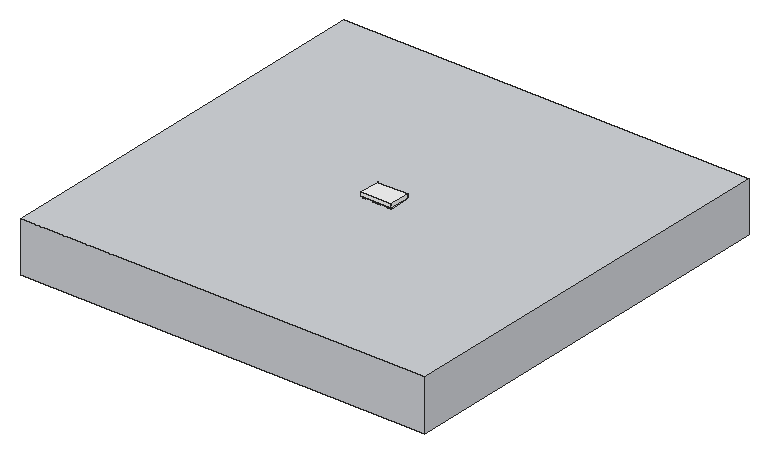
Revit family "1209 03", category Elektroinstallationen, Revit 2017
Family settings
  Basisbauteil = Fläche
  Beschriftungsausrichtung beibehalten = Ja
  Bemaßung runder Anschluss = Durchmesser verwenden
  Teiletyp = Normal
  Beim Laden mit Abzugskörper schneiden = Nein
  Gemeinsam genutzt = Nein
  Raumberechnungspunkt = Nein
Parameters
  Zusatzgerät anreihbar = yes
  Default Elevation = 1219.2 mm
  Verbindung mit Smartphone möglich = no
  URL = "https://www.gira.de/"
  Typname = "Wohnungsstation Video AP 7 Türko Reinweiß"
  Schaltfunktionen = yes
  Rufunterscheidung = yes
  Rufabschaltung = yes
  Produktseite = "https://katalog.gira.de/de_DE/download.html?artikelnr=120903"
  Montageart = "Tischgerät"
  Mit Video = yes
  Mit Türöffnerautomatik = yes
  Mit Touchscreen = yes
  Mit Memory-Funktion = yes
  Lautstärkeregelung = yes
  Ist Zubehör = no
  Ist System = no
  Internkommunikation = yes
  Installationstechnik = "2-Draht"
  Hörgerätekompatibel = no
  Hersteller = "Gira"
  HeinzeBIM = "https://www.heinze.de/bim/wohnungsstation-video-ap-7-tuerko-reinweiss/f71cf4ecf9244ccdea814a23a289702145b9fd6b"
  HAN = "120903"
  GTIN = "4,01034E+12"
  Funktions-Lampen = no
  Freisprechen = yes
  Farbe = "weiß"
  Datenblatt = "http://katalog.gira.de/de_DE/datenblatt.html?artikelnr=120903"
  Bildsystem = "PAL"
  Beschreibung = "Wohnungsstation Video AP 7 Reinweiß glänzend Merkmale:<BR>- Komplett vormontierte Einheit mit einem 17,78 cm (7) großen TFT-Farbdisplay und komfortabler Freisprechfunktion.<BR>- Vollflächige Glasfront mit Touchfunktionalität und taktiler Rückmeldung.<BR>- Direkte Wandmontage oder Wandmontage mit Unterputz-Gerätedose bzw. Hohlwanddose.<BR>- Montage mit Standfuß für Platzierung auf Möbelstücken.\""
  Bedienung Türöffner = yes
  BIMSITE_PRODUCT_ID = "f71cf4ecf9244ccdea814a23a289702145b9fd6b"
  BIM = ""
  Ausführung der Schnittstelle = "Sonstige"
  Abhörsicher = yes
Reference planes
  plane 1 "Center (Front/Back)": y = 0
  plane 2: z = 0
  plane 3 "Center (Left/Right)": x = 0
  plane 4: z = 19.5
Forms (mm)
  Extrusion 1, solid
    sketch origin (0, 0, 0) x (1, 0, 0) y (0, 1, 0)
      loop
        line (-1219.2, 1219.2) -> (-1219.2, -1219.2) -> (1219.2, -1219.2) -> (1219.2, 1219.2) -> (-1219.2, 1219.2)
    from 0 to -304.8
  Extrusion 2, solid, material "White", detail levels fine
    sketch origin (0, 0, 0) x (1, 0, 0) y (0, 1, 0)
      loop
        line (84.074, 58.3) -> (-84.074, 58.3)
        spline (-84.074, 58.3) -> (-84.454, 58.299) -> (-84.83, 58.249) -> (-85.196, 58.15) -> (-85.546, 58.004) -> (-85.874, 57.813) -> (-86.174, 57.582) -> (-86.441, 57.313) -> (-86.671, 57.011) -> (-86.86, 56.682) -> (-87.004, 56.332) -> (-87.101, 55.965) -> (-87.15, 55.589)
        line (-87.15, 55.589) -> (-87.15, -55.589)
        spline (-87.15, -55.589) -> (-87.101, -55.965) -> (-87.004, -56.332) -> (-86.86, -56.682) -> (-86.671, -57.011) -> (-86.441, -57.313) -> (-86.174, -57.582) -> (-85.874, -57.813) -> (-85.546, -58.004) -> (-85.196, -58.15) -> (-84.83, -58.249) -> (-84.454, -58.299) -> (-84.075, -58.3)
        line (-84.075, -58.3) -> (84.075, -58.3)
        spline (84.075, -58.3) -> (84.484, -58.297) -> (84.889, -58.236) -> (85.282, -58.119) -> (85.653, -57.947) -> (85.998, -57.725) -> (86.307, -57.457) -> (86.575, -57.147) -> (86.797, -56.803) -> (86.969, -56.431) -> (87.086, -56.039) -> (87.147, -55.634) -> (87.15, -55.224)
        line (87.15, -55.224) -> (87.15, 55.589)
        spline (87.15, 55.589) -> (87.101, 55.965) -> (87.004, 56.332) -> (86.86, 56.682) -> (86.671, 57.011) -> (86.441, 57.313) -> (86.174, 57.582) -> (85.874, 57.813) -> (85.546, 58.004) -> (85.196, 58.15) -> (84.83, 58.249) -> (84.454, 58.299) -> (84.074, 58.3)
    from 0 to 9
  Extrusion 3, solid, material "White", detail levels fine
    sketch origin (0, 0, 0) x (1, 0, 0) y (0, 1, 0)
      loop
        arc (-89.5, 61.5) -> (-90.207, 61.207) -> (-90.5, 60.5) r 1
        line (-90.5, 60.5) -> (-90.5, -60.5)
        arc (-90.5, -60.5) -> (-90.207, -61.207) -> (-89.5, -61.5) r 1
        line (-89.5, -61.5) -> (89.5, -61.5)
        arc (89.5, -61.5) -> (90.207, -61.207) -> (90.5, -60.5) r 1
        line (90.5, -60.5) -> (90.5, 60.5)
        arc (90.5, 60.5) -> (90.207, 61.207) -> (89.5, 61.5) r 1
        line (89.5, 61.5) -> (-89.5, 61.5)
    from 9 to 29.5
  Extrusion 4, void, detail levels fine
    sketch origin (0, 0, 0) x (1, 0, 0) y (0, 1, 0)
      loop
        line (-22.75, 20.659) -> (-63.25, 20.659) -> (-63.25, -58.3) -> (-22.75, -58.3) -> (-22.75, 20.659)
      loop
        line (22.75, -58.3) -> (63.25, -58.3) -> (63.25, 20.659) -> (22.75, 20.659) -> (22.75, -58.3)
    from 0 to 5
  Extrusion 5, solid, material "White", detail levels medium+fine
    sketch origin (0, -0.59, 3.742) x (1, 0, 0) y (0, -0.207912, 0.978148)
      loop
        circle (0.003, 0) r 7
    from 18 to 36
  Revolve 6, solid, material "White", detail levels medium+fine
    sketch origin (0, -18, 0) x (1, 0, 0) y (0, 0, 1)
      loop
        arc (-6.997, 0) -> (-4.948, -4.949) -> (0, -7) r 7
        line (0, -7) -> (0, 7)
        arc (0, 7) -> (-4.948, 4.949) -> (-6.997, 0) r 7
      axis (0, 7) -> (0, -7)
    angle from 0 to 360
  Extrusion 7, void
    sketch origin (0, -1.086, -1.744) x (0, 1, 0) y (0, 0, 1)
      loop
        line (20.191, 22.81) -> (-18.019, 22.81) -> (-18.019, 19.679) -> (20.191, 19.679) -> (20.191, 22.81)
    from 87.15 to 90.5
  Extrusion 8, solid, material "White", detail levels medium
    sketch origin (0, 0, 0) x (1, 0, 0) y (0, 1, 0)
      loop
        line (90.5, 61.5) -> (-90.5, 61.5) -> (-90.5, -61.5) -> (90.5, -61.5) -> (90.5, 61.5)
    from 9 to 29.5
  Extrusion 9, solid, material "White", detail levels medium
    sketch origin (0, 0, 0) x (1, 0, 0) y (0, 1, 0)
      loop
        line (87.15, 58.3) -> (-87.15, 58.3) -> (-87.15, -58.3) -> (87.15, -58.3) -> (87.15, 58.3)
    from 0 to 9
  Extrusion 10, solid, material "White", detail levels coarse
    sketch origin (0, 0, 0) x (1, 0, 0) y (0, 1, 0)
      loop
        line (90.5, 61.5) -> (-90.5, 61.5) -> (-90.5, -61.5) -> (90.5, -61.5) -> (90.5, 61.5)
    from -10.61 to 29.5
Cuts and joins
  Extrusion 4 cuts Extrusion 2
  Extrusion 4, Extrusion 7 cuts Extrusion 3
Dimensions and locks
  aligned and locked: plane 2 to Extrusion 1
  aligned and locked: level to Extrusion 1
  aligned and locked: plane 1 "Center (Front/Back)" to nested 1
Nested families
  nested 1: "symbol" at (0, 0, 0), type "symbol"
Definition of nested family "symbol"
  Reference planes
    plane 1: y = 0
    plane 2: x = 0
  Lines and regions (mm)
    Filled region 1, type "Gefüllter Bereich 1"
      outline origin (0, 0, 0) x (1, 0, 0) y (0, 1, 0)
        loop
          circle (-0.6, 2.4) r 0.4
    Filled region 2, type "Gefüllter Bereich 1"
      outline origin (0, 0, 0) x (1, 0, 0) y (0, 1, 0)
        loop
          circle (0.6, 2.4) r 0.4
    detail lines
      curve 1: line (0, 0, 0) -> (0, 2, 0)
      curve 2: line (0, 2, 0) -> (1.6, 2, 0)
      curve 3: line (1.6, 2, 0) -> (1.6, 3.6, 0)
      curve 4: circle (0.6, 2.4, 0) r 0.4 normal (0, 0, 1)
      curve 5: line (0, 2, 0) -> (-1.6, 2, 0)
      curve 6: line (-1.6, 2, 0) -> (-1.6, 3.6, 0)
      curve 7: circle (-0.6, 2.4, 0) r 0.4 normal (0, 0, -1)
